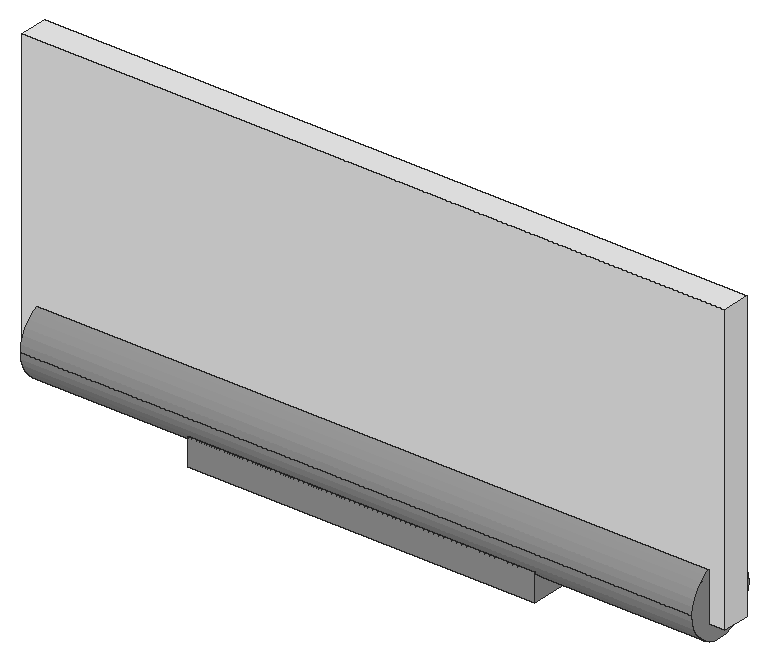
Revit family "KEUCO_14910010000", category Allgemeines Modell, Revit 2016
Family settings
  Teiletyp = Normal
  Kann Basisbauteil für Bewehrung sein = Nein
  Bemaßung runder Anschluss = Durchmesser verwenden
  Arbeitsebenenbasiert = Ja
  Immer vertikal = Nein
  Beim Laden mit Abzugskörper schneiden = Nein
  Gemeinsam genutzt = Nein
  Raumberechnungspunkt = Nein
Parameters (values of type "14910070000")
  Default Elevation = 1219.2 mm
  Verwendung = "GWC / WP"  # constant formula
  URL = "https://www.keuco.com/de/produkte/sortiment/artikel/?pid=14910&oid=1&pgo=4&country=de&lang=de&vid=14910070000"
  Regal Länge Variation = 0
  Preisgruppe = ""
  Material Regal = Glas, weiß, hohe Luminanz
  Serie = "Plan"  # constant formula
  Materialien bei Hersteller anfragen = "Anfrage zu:  objektmanagement@keuco.de"
  Rahmen Material = Aluminium silber-eloxiert (E6 EV1)
  Regal Länge = if(Regal Länge Variation = 2, 350 mm, if(Regal Länge Variation = 3, 500 mm, 220 mm))  # 220 mm
  Kategorie = "ACC"  # constant formula
  Hersteller = "KEUCO"  # constant formula
  Tiefe = 100 mm
  Gewicht = 0.522
  Beschreibung = "ohne Platte"
  Assembly Code = ""
  Ausschreibungstext = "KEUCO PLAN Ablagekonsole 14910070000 \r\nZeitlose Ablagekonsole aus hochwertigem Edelstahl\r\nin ästhetischem, funktionalem Design \r\npassend zu der Glasplatte Artikel-Nr. 14910 und 14958\r\nBreite 210 mm, Höhe 22 mm \r\nDie Ablagekonsole wird verdeckt angebracht\r\nLieferung inkl. korrosionsfreiem Befestigungsmaterial\r\nDie Glasplatte ist separat zu bestellen!"
  Artikelnummer = "14910070000"
Types (3, lengths in mm): name | URL | Regal Länge Variation | Materialien bei Hersteller anfragen | Rahmen Material | Ausschreibungstext | Artikelnummer
  14910010000 | "https://www.keuco.com/de/produkte/sortiment/artikel/?pid=14910&oid=1&pgo=4&country=de&lang=de&vid=14910010000" | 1 | "Request to:  objektmanagement@keuco.de" | Verchromt | "KEUCO PLAN Ablagekonsole 14910010000 \r\nHochglanzverchromte Ablagekonsole \r\nin ästhetischem, funktionalem Design \r\npassend zu der Glasplatte Artikel-Nr. 14910 und 14958 \r\nBreite 210 mm, Höhe 22 mm \r\nDie Ablagekonsole wird verdeckt angebracht\r\nLieferung inkl. korrosionsfreiem Befestigungsmaterial\r\nDie Glasplatte ist separat zu bestellen!" | "14910010000"
  14910070000 | "https://www.keuco.com/de/produkte/sortiment/artikel/?pid=14910&oid=1&pgo=4&country=de&lang=de&vid=14910070000" | 0 | "Anfrage zu:  objektmanagement@keuco.de" | Aluminium silber-eloxiert (E6 EV1) | "KEUCO PLAN Ablagekonsole 14910070000 \r\nZeitlose Ablagekonsole aus hochwertigem Edelstahl\r\nin ästhetischem, funktionalem Design \r\npassend zu der Glasplatte Artikel-Nr. 14910 und 14958\r\nBreite 210 mm, Höhe 22 mm \r\nDie Ablagekonsole wird verdeckt angebracht\r\nLieferung inkl. korrosionsfreiem Befestigungsmaterial\r\nDie Glasplatte ist separat zu bestellen!" | "14910070000"
  14910170000 | "https://www.keuco.com/de/produkte/sortiment/artikel/?pid=14910&oid=1&pgo=4&country=de&lang=de&vid=14910170000" | 1 | "Request to:  objektmanagement@keuco.de" | Aluminium silber-eloxiert (E6 EV1) | "KEUCO PLAN Ablagekonsole 14910170000\r\nAblagekonsole aus \r\nhochwertigem silber-eloxiertem Aluminium (E6 EV1)/verchromt \r\nin ästhetischem, funktionalem Design \r\npassend zu der Glasplatte Artikel-Nr. 14910 und 14958\r\nDie Wandhalterung ist als Design-Element hochglanzverchromt \r\nBreite 210 mm, Höhe 22 mm \r\nDe Ablagekonsole wird verdeckt angebracht \r\nLieferung inkl. korrosionsfreiem Befestigungsmaterial\r\nDie Glasplatte ist separat zu bestellen!" | "14910170000"
Reference planes
  plane 1 "Center (Front/Back)": y = 0
  plane 2: z = 0
  plane 3 "Center (Left/Right)": x = 0
  plane 4: x = -110
  plane 5: x = 110
  plane 6: z = 100
Forms (mm)
  Extrusion 1, solid, material "Aluminium silber-eloxiert (E6 EV1)" <- "Rahmen Material"
    sketch origin (0, 0, 0) x (0, 1, 0) y (0, 0, 1)
      loop
        line (8.82, 0) -> (8.82, 10) -> (-8.82, 10) -> (-8.82, 0) -> (8.82, 0)
    from -54.488 to 54.06
  Extrusion 2, solid, material "Aluminium silber-eloxiert (E6 EV1)" <- "Rahmen Material", detail levels medium+fine
    sketch origin (0, 0, 0) x (0, 1, 0) y (0, 0, 1)
      loop
        circle (0, 15.267) r 11
    from -105.246 to 105.078
  Extrusion 3, solid, material "Glas, weiß, hohe Luminanz" <- "Material Regal"
    sketch origin (0, 0, 0) x (1, 0, 0) y (0, 0, 1)
      loop
        line (-110, 100) -> (-110, 10.017) -> (110, 10.017) -> (110, 100) -> (-110, 100)
    from -4.38 to 4.38
Dimensions and locks
  equal spacing: Extrusion 1 sketch curve, plane 1 "Center (Front/Back)", Extrusion 1 sketch curve
  locked: Extrusion 1 sketch curve to Extrusion 1 sketch curve at 17.641
  Extrusion 1 to plane 3 "Center (Left/Right)" to Extrusion 1 = 54.488 mm locked, 54.06 mm locked
  Extrusion 2 to plane 3 "Center (Left/Right)" to Extrusion 2 = 105.078 mm locked, 105.246 mm locked
  equal spacing: plane 5, plane 3 "Center (Left/Right)", plane 4
  "Regal Länge": plane 5 to plane 4
  "Tiefe": plane 6 to level
  equal spacing: Extrusion 3, plane 1 "Center (Front/Back)", Extrusion 3
  locked: Extrusion 3 to Extrusion 3 at 8.761
  aligned and locked: level to plane 2
  aligned and locked: Extrusion 3 to plane 4
  aligned and locked: plane 5 to Extrusion 3
  aligned and locked: plane 6 to Extrusion 3
Automatic sketch dimensions
  Extrusion 1 sketch curve to level = 0 mm
  level to Extrusion 1 sketch curve = 10 mm
  Extrusion 2 sketch curve to plane 1 "Center (Front/Back)" = 0 mm
  level to Extrusion 2 sketch curve = 15.267 mm
  plane 4 to Extrusion 3 sketch curve = 0 mm
  Extrusion 3 sketch curve to plane 5 = 0 mm
  level to Extrusion 3 sketch curve = 10.017 mm
  Extrusion 3 sketch curve to Extrusion 3 sketch curve = 89.983 mm
  radius of Extrusion 2 sketch curve = 11 mm
